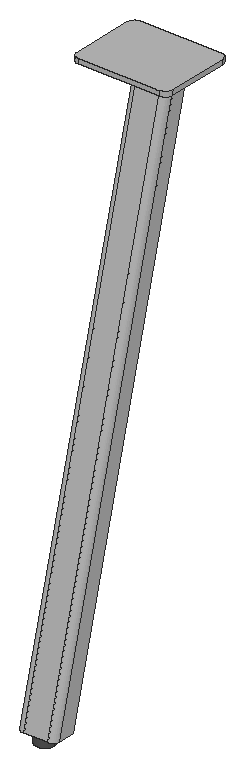
Revit family "Haworth_ActiveComponents_AngledLeg_BUILD", category Furniture Systems, Revit 2015
Parameters (values of type "Angled Leg")
  Warranty = "https://www.haworth.com/resources/product-info/warranties"
  URL - Product = "https://www.haworth.com/products/workspaces/accessories/active-components"
  URL = "www.haworth.com"
  Trim Finish = Haworth _ Paint _ Metallic Champagne
  Revision = "1"  # constant formula
  Note = "Verify Final Dim. w/ Haworth"  # constant formula
  Model = "AUA"  # constant formula
  Manufacturer = "Haworth"  # constant formula
  Leg Height = 28"  # constant formula
  Glide Finish = Haworth _ Polymer _ Black
  Description = "Haworth Active Components - Angled Leg"  # constant formula
  Author = "Haworth (Alias)"  # constant formula
  Assembly Code = ""
Reference planes (in)
  plane 1 "Front": y = 0
  plane 2 "Bottom": z = 0
  plane 3 "Center (Left/Right)": x = 0
  plane 4 "Glide End": z = 0.5
  plane 5 "Right": x = 1
  plane 6 "Left": x = -1
  plane 7: z = 28
  plane 8 "Back": y = 11.0625
  plane 9: z = 28
  plane 10: z = 27.764
  plane 11 "Top Middle": y = 7.93581
Forms (in)
  Extrusion 1, solid, material "Haworth _ Polymer _ Black" <- "Glide Finish"
    sketch origin (0, 0, 0) x (1, 0, 0) y (0, 1, 0)
      loop
        circle (0, 0.625) r 0.5
    from 0 to 0.5
  Blend 2, solid, material "Haworth _ Paint _ Metallic Champagne" <- "Trim Finish"
    base sketch origin (0, 0, 0) x (1, 0, 0) y (0, 1, 0)
      loop
        line (-0.625, 0) -> (0.625, 0)
        arc (0.625, 0) -> (0.89017, 0.10983) -> (1, 0.375) r 0.375
        line (1, 0.375) -> (1, 1.1875) -> (-1, 1.1875) -> (-1, 0.375)
        arc (-1, 0.375) -> (-0.89017, 0.10983) -> (-0.625, 0) r 0.375
    top sketch origin (0, 0, 0) x (1, 0, 0) y (0, 1, 0)
      loop
        line (-1, 8.52956) -> (-1, 7.71706)
        arc (-1, 7.71706) -> (-0.89017, 7.45189) -> (-0.625, 7.34206) r 0.375
        line (-0.625, 7.34206) -> (0.625, 7.34206)
        arc (0.625, 7.34206) -> (0.89017, 7.45189) -> (1, 7.71706) r 0.375
        line (1, 7.71706) -> (1, 8.52956) -> (-1, 8.52956)
    from 0.5 to 27.764
  Extrusion 3, solid, material "Haworth _ Paint _ Metallic Champagne" <- "Trim Finish"
    sketch origin (0, 0, 0) x (1, 0, 0) y (0, 1, 0)
      loop
        arc (-3.39, 11.0625) -> (-3.65517, 10.95267) -> (-3.765, 10.6875) r 0.375
        line (-3.765, 10.6875) -> (-3.765, 7.43264)
        arc (-3.765, 7.43264) -> (-3.65517, 7.16748) -> (-3.39, 7.05764) r 0.375
        line (-3.39, 7.05764) -> (0.86, 7.05764)
        arc (0.86, 7.05764) -> (1.12517, 7.16748) -> (1.235, 7.43264) r 0.375
        line (1.235, 7.43264) -> (1.235, 10.6875)
        arc (1.235, 10.6875) -> (1.12517, 10.95267) -> (0.86, 11.0625) r 0.375
        line (0.86, 11.0625) -> (-3.39, 11.0625)
    from 27.764 to 28
Lines and regions (in)
  Masking region 1, detail levels medium+fine
    outline origin (0, 0, 0) x (1, 0, 0) y (0, 1, 0)
      loop
        arc (-0.985, 0.40547) -> (-0.87035, 0.1231) -> (-0.5913, 0.00058) r 0.40505
        line (-0.5913, 0.00058) -> (0.57004, 0.00058)
        arc (0.57004, 0.00058) -> (0.86642, 0.1119) -> (0.985, 0.40544) r 0.39368
        line (0.985, 0.40544) -> (0.985, 8.52956) -> (-0.985, 8.52956) -> (-0.985, 0.40547)
  symbolic lines, style "FurnitureSystemsHiddenLines", detail levels medium+fine
    curve 1: line (-3.39, 7.05764, 0) -> (0.86, 7.05764, 0)
    curve 2: arc (0.86, 7.05764, 0) -> (1.12517, 7.16748, 0) -> (1.235, 7.43264, 0) r 0.375
    curve 3: line (1.235, 7.43264, 0) -> (1.235, 10.6875, 0)
    curve 4: arc (1.235, 10.6875, 0) -> (1.12517, 10.95267, 0) -> (0.86, 11.0625, 0) r 0.375
    curve 5: line (0.86, 11.0625, 0) -> (-3.39, 11.0625, 0)
    curve 6: arc (-3.39, 11.0625, 0) -> (-3.65517, 10.95267, 0) -> (-3.765, 10.6875, 0) r 0.375
    curve 7: line (-3.765, 10.6875, 0) -> (-3.765, 7.43264, 0)
    curve 8: arc (-3.765, 7.43264, 0) -> (-3.65517, 7.16748, 0) -> (-3.39, 7.05764, 0) r 0.375
Dimensions and locks (in)
  level to plane 4 "Glide End" = 1/2"
  locked: plane 4 "Glide End" to plane 2 "Bottom" at 0.5
  "Leg Height": plane 7 to plane 2 "Bottom"
  equal spacing: plane 6 "Left", plane 3 "Center (Left/Right)", plane 5 "Right"
  locked: plane 6 "Left" to plane 5 "Right" at 2
  locked: plane 1 "Front" to plane 8 "Back" at 11.0625
  locked: plane 1 "Front" to Extrusion 1 sketch curve at 0.625
  locked: Blend 2 sketch curve to plane 1 "Front" at 1.1875
  locked: Blend 2 sketch curve to plane 8 "Back" at 2.53294
  locked: Blend 2 sketch curve to Blend 2 sketch curve at 1.1875
  locked: plane 9 to plane 10 at 0.236
  locked: Extrusion 3 sketch curve to Extrusion 3 sketch curve at 4.00486
  locked: plane 5 "Right" to Extrusion 3 sketch curve at 0.235
  locked: Extrusion 3 sketch curve to plane 6 "Left" at 2.765
  aligned and locked: Extrusion 1 to plane 2 "Bottom"
  aligned and locked: Extrusion 1 to plane 4 "Glide End"
  aligned and locked: plane 5 "Right" to Blend 2 sketch curve
  aligned and locked: plane 6 "Left" to Blend 2 sketch curve
  aligned and locked: Blend 2 sketch curve to plane 6 "Left"
  aligned and locked: Blend 2 sketch curve to plane 5 "Right"
  aligned and locked: plane 4 "Glide End" to Blend 2
  aligned and locked: plane 3 "Center (Left/Right)" to Extrusion 1 sketch curve
  aligned and locked: plane 1 "Front" to Blend 2 sketch curve
  aligned and locked: plane 10 to Blend 2
  aligned and locked: Extrusion 3 sketch curve to plane 8 "Back"
  aligned and locked: plane 9 to Extrusion 3
  aligned and locked: Extrusion 3 to plane 10
Automatic sketch dimensions
  Blend 2 sketch curve to plane 6 "Left" = 3/8"  (x2)
  Blend 2 sketch curve to plane 5 "Right" = 3/8"  (x2)
  Extrusion 3 sketch curve to Extrusion 3 sketch curve = 3/8"
  Extrusion 3 sketch curve to plane 8 "Back" = 3/8"
  Extrusion 3 sketch curve to plane 5 "Right" = 0.14"  (x2)
  Masking region 1 sketch curve to plane 6 "Left" = 0.015"
  Masking region 1 sketch curve to plane 1 "Front" = 0.00058"
  Masking region 1 sketch curve to plane 6 "Left" = 0.4087"
  Masking region 1 sketch curve to Masking region 1 sketch curve = 0.40505"
  Masking region 1 sketch curve to plane 5 "Right" = 0.42996"
  Masking region 1 sketch curve to Masking region 1 sketch curve = 0.02145"
  Masking region 1 sketch curve to plane 5 "Right" = 0.015"
  Masking region 1 sketch curve to plane 1 "Front" = 0.39368"
  Masking region 1 sketch curve to plane 11 "Top Middle" = 19/32"
  curve 6 to plane 8 "Back" = 0"
  curve 7 to plane 8 "Back" = 3/8"
  plane 6 "Left" to curve 7 = 2.765"
  curve 7 to curve 8 = 3/8"
  curve 1 to plane 5 "Right" = 0.14"
  curve 4 to plane 5 "Right" = 0.14"
  plane 5 "Right" to curve 3 = 0.235"
  plane 11 "Top Middle" to curve 2 = 0.50317"
  radius of Extrusion 1 sketch curve = 1/2"
